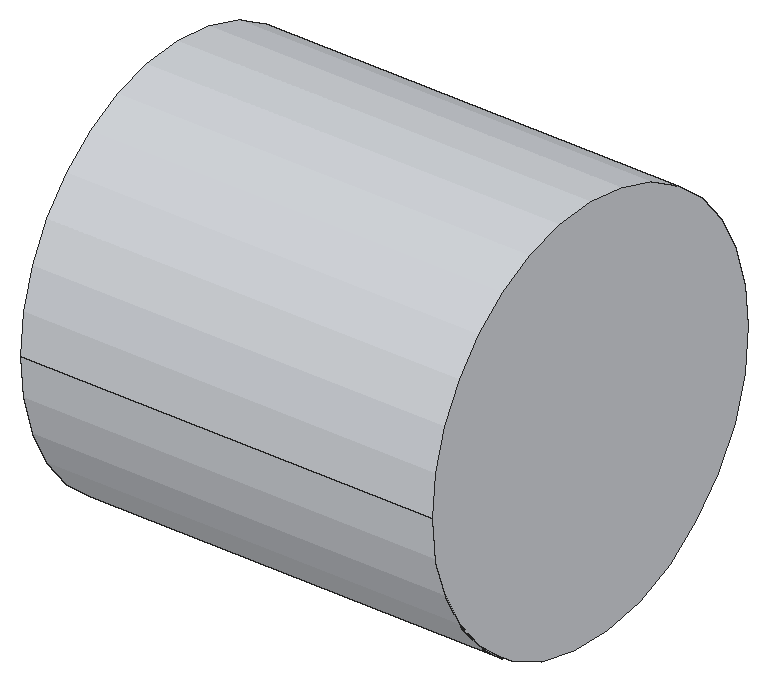
Revit family "Luva - Rosqueada - CU", category Conexões de tubo, Revit 2019
Family settings
  Cota do conector redondo = Usar raio
  Tipo de parte = União
  Com base no plano de trabalho = Não
  Sempre na vertical = Sim
  Corte com vazios quando carregada = Não
  Compartilhado = Não
Parameters (values of type "Padrão")
  Tamanho da marca de revisão [instance] = Diâmetro externo da conexão * 0.4  # 13 mm
  Nome da tabela de pesquisa = "BR_Sleeve - Threaded - CU"
  Raio externo da conexão [instance] = Diâmetro externo da conexão / 2  # 16.25 mm
  Diâmetro externo da conexão [instance] = size_lookup(Nome da tabela de pesquisa, "FOD", 1.12 * Diâmetro nominal + 10.5 mm, Diâmetro nominal)  # 32.5 mm
  Raio nominal [instance] = 10 mm
  Diâmetro nominal [instance] = Raio nominal * 2  # 20 mm
  Método de perda = Coeficiente K da tabela
  Comprimento 1 [instance] = Comprimento / 2  # 17 mm
  Comprimento [instance] = size_lookup(Nome da tabela de pesquisa, "Lgt", 0.73 * Diâmetro nominal + 19.8 mm, Diâmetro nominal)  # 34 mm
  Tabela de coeficiente K = "Redutor/Acoplamento/União/Redutor"
Reference planes
  plane 1 "Centro (Frente/Trás)": y = 0
  plane 2: z = 0
  plane 3 "Centro (Esquerda/Direita)": x = 0
  plane 4: x = -17
  plane 5: x = 17
Forms (mm)
  Extrusion 1, solid, detail levels fine
    sketch origin (0, 0, 0) x (0, 1, 0) y (0, 0, 1)
      loop
        circle (0, 0) r 16.25
    from -17 to 17
Lines and regions (mm)
  model lines, detail levels coarse+medium
    curve 1: line (-17, 0, 0) -> (17, 0, 0)
    curve 2: line (-17, 13, 0) -> (-17, 0, 0)
    curve 3: line (-17, 0, 0) -> (-17, -13, 0)
    curve 4: line (17, 13, 0) -> (17, 0, 0)
    curve 5: line (17, 0, 0) -> (17, -13, 0)
Dimensions and locks
  equal spacing: plane 4, plane 3 "Centro (Esquerda/Direita)", plane 5
  "Comprimento 1": plane 4 to plane 3 "Centro (Esquerda/Direita)"
  "Tamanho da marca de revisão": curve 2 to curve 2
  "Tamanho da marca de revisão": curve 3 to curve 3
  "Tamanho da marca de revisão": curve 4 to curve 4
  "Tamanho da marca de revisão": curve 5 to curve 5
  "Raio externo da conexão": radius of Extrusion 1 sketch curve
  aligned and locked: plane 1 "Centro (Frente/Trás)" to Extrusion 1 sketch curve
  aligned and locked: level to Extrusion 1 sketch curve
  aligned and locked: Extrusion 1 to plane 4
  aligned and locked: plane 1 "Centro (Frente/Trás)" to curve 1
  aligned and locked: plane 5 to Extrusion 1
  aligned and locked: curve 2 to plane 4
  aligned and locked: curve 3 to plane 4
  aligned and locked: plane 1 "Centro (Frente/Trás)" to curve 4
  aligned and locked: curve 4 to plane 5
  aligned and locked: curve 5 to plane 5
Connectors
  piping at (-17, 0, 0), diameter 20, driven by "Raio nominal"
    settings: on Extrusion 1, index 1, connector inside diameter 20 mm, connector length 0 mm, flow factor 0, pipe flow 0.0 L/s, pressure drop 0.0 Pa, fitting loss kfactor 0, connector angle 0.00°, fixture units 0, engagement length 0 mm, angle of deflection 0.00°, flow configuration 0, flow direction 0, fitting loss method 0, system type 28, joint type 0, gender type 0, connector reference index 2, connector utility 0, adjustable connector no, is connector primary yes, connector description ""
  piping at (17, 0, 0), diameter 20, driven by "Raio nominal"
    settings: on Extrusion 1, index 2, connector inside diameter 20 mm, connector length 0 mm, flow factor 0, pipe flow 0.0 L/s, pressure drop 0.0 Pa, fitting loss kfactor 0, connector angle 0.00°, fixture units 0, engagement length 0 mm, angle of deflection 0.00°, flow configuration 0, flow direction 0, fitting loss method 0, system type 28, joint type 0, gender type 0, connector reference index 1, connector utility 0, adjustable connector no, is connector primary no, connector description ""
